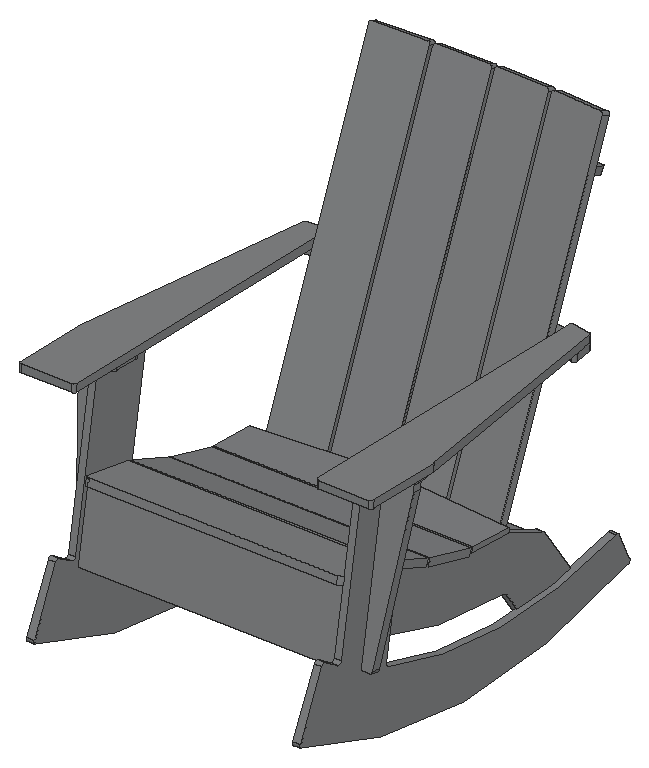
Revit family "Lollygagger Adirondack 4 Slat Rocker", category Furniture, Revit 2016
Family settings
  OmniClass Number = 23.40.20.00
  OmniClass Title = General Furniture and Specialties
  Work Plane-Based = No
  Always vertical = Yes
  Cut with Voids When Loaded = No
  Shared = No
  Room Calculation Point = No
Parameters (values of type "Loll-Charcoal")
  Width = 35 195/256"  # constant formula
  URL = "https://lolldesigns.com/"
  Type Image = adirondack_4slat_flat_rocker.jpg
  Thick = 5/8"  # constant formula
  Model = ""
  Manufacturer = "Loll"  # constant formula
  Length = 30 1/32"  # constant formula
  Height Arm = 22 73/128"  # constant formula
  Finish Material = Loll-Charcoal
Reference planes (in)
  plane 1 "Center Front/Back": y = 0
  plane 2: z = 0
  plane 3 "Center Left/Right": x = 0
  plane 4: x = 15.01563
  plane 5: x = -15.01562
  plane 6: y = 17.37188
  plane 7: y = -18.38983
  plane 8: x = 11.625
  plane 9: x = -11.625
  plane 10: z = 22.57031
  plane 11: z = 21.94531
  plane 12: x = -11
  plane 13: x = 11
  plane 14: y = -15.06058
  plane 15: z = 21.32031
Forms (in)
  Extrusion 1, solid, material "Loll-Charcoal" <- "Finish Material"
    sketch origin (-11.34614, -1.87695, 19.45483) x (0, -1, 0) y (1, 0, 0)
      loop
        arc (-13.70147, 1.10364) -> (-13.89033, 1.01745) -> (-13.94896, 0.8183) r 0.25
        line (-13.94896, 0.8183) -> (-13.74171, -0.63302)
        arc (-13.74171, -0.63302) -> (-13.6708, -0.77465) -> (-13.52901, -0.84524) r 0.25
        line (-13.52901, -0.84524) -> (6.54826, -3.66692)
        arc (6.54826, -3.66692) -> (6.56562, -3.66874) -> (6.58306, -3.66935) r 0.25
        line (6.58306, -3.66935) -> (12.93364, -3.66935)
        arc (12.93364, -3.66935) -> (13.11041, -3.59613) -> (13.18364, -3.41935) r 0.25
        line (13.18364, -3.41935) -> (13.18364, 0.85364)
        arc (13.18364, 0.85364) -> (13.11041, 1.03042) -> (12.93364, 1.10364) r 0.25
        line (12.93364, 1.10364) -> (-13.70147, 1.10364)
    from 2.49048 to 3.11548
  Extrusion 2, solid, material "Loll-Charcoal" <- "Finish Material"
    sketch origin (11.32383, -1.87695, 19.45483) x (0, -1, 0) y (1, 0, 0)
      loop
        arc (-13.52901, 0.86755) -> (-13.6708, 0.79696) -> (-13.74171, 0.65533) r 0.25
        line (-13.74171, 0.65533) -> (-13.94576, -0.77354)
        arc (-13.94576, -0.77354) -> (-13.88713, -0.97269) -> (-13.69827, -1.05889) r 0.25
        line (-13.69827, -1.05889) -> (12.93364, -1.05889)
        arc (12.93364, -1.05889) -> (13.11041, -0.98566) -> (13.18364, -0.80889) r 0.25
        line (13.18364, -0.80889) -> (13.18364, 3.4418)
        arc (13.18364, 3.4418) -> (13.11041, 3.61857) -> (12.93364, 3.6918) r 0.25
        line (12.93364, 3.6918) -> (6.58401, 3.6918)
        arc (6.58401, 3.6918) -> (6.56657, 3.69119) -> (6.54921, 3.68936) r 0.25
        line (6.54921, 3.68936) -> (-13.52901, 0.86755)
    from 2.49048 to 3.11548
  Extrusion 3, solid, material "Loll-Charcoal" <- "Finish Material"
    sketch origin (-0.01116, -13.34988, 10.61257) x (1, 0, 0) y (0, 0.173648, 0.984808)
      loop
        line (11.01116, -2.72346) -> (11.01116, 3.5371) -> (10.60243, 3.5371)
        arc (10.60243, 3.5371) -> (0.23928, 3.3911) -> (-10.1239, 3.53585) r 369.44323
        line (-10.1239, 3.53585) -> (-10.98884, 3.53585) -> (-10.98884, -2.72346) -> (11.01116, -2.72346)
    from -0.625 to 0
  Extrusion 4, solid, material "Loll-Charcoal" <- "Finish Material"
    sketch origin (-10.26116, -10.90292, 10.12102) x (0, -0.93358, 0.358368) y (0, -0.358368, -0.93358)
      loop
        line (0.18208, -12.59564) -> (4.92196, -10.77617) -> (2.36278, 2.38964)
        arc (2.36278, 2.38964) -> (2.42634, 2.60889) -> (2.64152, 2.68511) r 0.25
        arc (2.64152, 2.68511) -> (3.44298, 2.56864) -> (4.24178, 2.43521) r 38.20866
        arc (4.24178, 2.43521) -> (4.43934, 2.48421) -> (4.53497, 2.6639) r 0.25
        line (4.53497, 2.6639) -> (4.91512, 8.10029)
        arc (4.91512, 8.10029) -> (4.85313, 8.2832) -> (4.6793, 8.36736) r 0.25
        arc (4.6793, 8.36736) -> (-12.83333, 5.91487) -> (-28.12672, -2.96314) r 46
        arc (-28.12672, -2.96314) -> (-28.21192, -3.14512) -> (-28.13566, -3.33102) r 0.25
        line (-28.13566, -3.33102) -> (-26.32851, -5.07616)
        arc (-26.32851, -5.07616) -> (-26.16325, -5.14618) -> (-25.99366, -5.08742) r 0.25
        arc (-25.99366, -5.08742) -> (-15.19106, 0.84015) -> (-3.06363, 3.0213) r 38.20866
        arc (-3.06363, 3.0213) -> (-2.90216, 2.96551) -> (-2.81422, 2.81904) r 0.25
        line (-2.81422, 2.81904) -> (0.18208, -12.59564)
    from -1.36384 to -0.73884
  Extrusion 5, solid, material "Loll-Charcoal" <- "Finish Material"
    sketch origin (-3.01116, -10.90292, 10.12102) x (0, -0.93358, 0.358368) y (0, -0.358368, -0.93358)
      loop
        line (0.18208, -12.59564) -> (4.92196, -10.77617) -> (2.36278, 2.38964)
        arc (2.36278, 2.38964) -> (2.42634, 2.60889) -> (2.64152, 2.68511) r 0.25
        arc (2.64152, 2.68511) -> (3.44298, 2.56864) -> (4.24178, 2.43521) r 38.20866
        arc (4.24178, 2.43521) -> (4.43934, 2.48421) -> (4.53497, 2.6639) r 0.25
        line (4.53497, 2.6639) -> (4.91512, 8.10029)
        arc (4.91512, 8.10029) -> (4.85313, 8.2832) -> (4.6793, 8.36736) r 0.25
        arc (4.6793, 8.36736) -> (-12.83333, 5.91487) -> (-28.12672, -2.96314) r 46
        arc (-28.12672, -2.96314) -> (-28.21192, -3.14512) -> (-28.13566, -3.33102) r 0.25
        line (-28.13566, -3.33102) -> (-26.32851, -5.07616)
        arc (-26.32851, -5.07616) -> (-26.16325, -5.14618) -> (-25.99366, -5.08742) r 0.25
        arc (-25.99366, -5.08742) -> (-15.19106, 0.84015) -> (-3.06363, 3.0213) r 38.20866
        arc (-3.06363, 3.0213) -> (-2.90216, 2.96551) -> (-2.81422, 2.81904) r 0.25
        line (-2.81422, 2.81904) -> (0.18208, -12.59564)
    from 14.01116 to 14.63616
  Extrusion 6, solid, material "Loll-Charcoal" <- "Finish Material"
    sketch origin (-9.63616, -1.7845, 5.66873) x (0, 0, 1) y (0, -1, 0)
      loop
        arc (2.90858, -10.06909) -> (2.96015, -10.02078) -> (2.99615, -9.95997) r 0.25
        line (2.99615, -9.95997) -> (4.42342, -6.51424)
        arc (4.42342, -6.51424) -> (4.43738, -6.47055) -> (4.44388, -6.42515) r 0.275
        line (4.44388, -6.42515) -> (4.68857, -2.26514) -> (5.9015, 2.34307) -> (7.61415, 6.73218)
        arc (7.61415, 6.73218) -> (7.62285, 6.75824) -> (7.6289, 6.78503) r 0.275
        line (7.6289, 6.78503) -> (8.20566, 10.10173) -> (8.14208, 10.11295)
        arc (8.14208, 10.11295) -> (7.9807, 10.21575) -> (7.93929, 10.40256) r 0.25
        line (7.93929, 10.40256) -> (2.64594, 11.33592) -> (2.15266, 8.53834)
        arc (2.15266, 8.53834) -> (2.19407, 8.35154) -> (2.35544, 8.24873) r 0.25
        line (2.35544, 8.24873) -> (2.55949, 8.21275)
        arc (2.55949, 8.21275) -> (2.73481, 8.08762) -> (2.74776, 7.87261) r 0.25
        arc (2.74776, 7.87261) -> (0.75413, 1.15937) -> (0.08544, -5.81164) r 36.33366
        arc (0.08544, -5.81164) -> (0.05724, -5.9272) -> (-0.02117, -6.01665) r 0.25
        line (-0.02117, -6.01665) -> (-4.40464, -9.08599)
        arc (-4.40464, -9.08599) -> (-4.49143, -9.19322) -> (-4.50812, -9.33016) r 0.25
        arc (-4.50812, -9.33016) -> (-4.05493, -11.74316) -> (-3.47008, -14.12767) r 44.75
        arc (-3.47008, -14.12767) -> (-3.31379, -14.29666) -> (-3.08561, -14.26626) r 0.25
        line (-3.08561, -14.26626) -> (2.90858, -10.06909)
    from -1.36384 to -0.73884
  Extrusion 7, solid, material "Loll-Charcoal" <- "Finish Material"
    sketch origin (6.86384, -1.7845, 5.66873) x (0, 0, 1) y (0, -1, 0)
      loop
        arc (2.90858, -10.06909) -> (2.96015, -10.02078) -> (2.99615, -9.95997) r 0.25
        line (2.99615, -9.95997) -> (4.42342, -6.51424)
        arc (4.42342, -6.51424) -> (4.43738, -6.47055) -> (4.44388, -6.42515) r 0.275
        line (4.44388, -6.42515) -> (4.68857, -2.26514) -> (5.9015, 2.34307) -> (7.61415, 6.73218)
        arc (7.61415, 6.73218) -> (7.62285, 6.75824) -> (7.6289, 6.78503) r 0.275
        line (7.6289, 6.78503) -> (8.20566, 10.10173) -> (8.14208, 10.11295)
        arc (8.14208, 10.11295) -> (7.9807, 10.21575) -> (7.93929, 10.40256) r 0.25
        line (7.93929, 10.40256) -> (7.96099, 10.52566)
        arc (7.96099, 10.52566) -> (7.94028, 10.61906) -> (7.8596, 10.67047) r 0.125
        line (7.8596, 10.67047) -> (2.81246, 11.56041)
        arc (2.81246, 11.56041) -> (2.71905, 11.53971) -> (2.66765, 11.45902) r 0.125
        line (2.66765, 11.45902) -> (2.15266, 8.53834)
        arc (2.15266, 8.53834) -> (2.19407, 8.35154) -> (2.35544, 8.24873) r 0.25
        line (2.35544, 8.24873) -> (2.55949, 8.21275)
        arc (2.55949, 8.21275) -> (2.73481, 8.08762) -> (2.74776, 7.87261) r 0.25
        arc (2.74776, 7.87261) -> (0.75413, 1.15937) -> (0.08544, -5.81164) r 36.33366
        arc (0.08544, -5.81164) -> (0.05724, -5.9272) -> (-0.02117, -6.01665) r 0.25
        line (-0.02117, -6.01665) -> (-4.40464, -9.08599)
        arc (-4.40464, -9.08599) -> (-4.49143, -9.19322) -> (-4.50812, -9.33016) r 0.25
        arc (-4.50812, -9.33016) -> (-4.05493, -11.74316) -> (-3.47008, -14.12767) r 44.75
        arc (-3.47008, -14.12767) -> (-3.31379, -14.29666) -> (-3.08561, -14.26626) r 0.25
        line (-3.08561, -14.26626) -> (2.90858, -10.06909)
    from 3.51116 to 4.13616
  Extrusion 8, solid, material "Loll-Charcoal" <- "Finish Material"
    sketch origin (-0.01116, -1.68987, 10.73471) x (0, 0.967062, -0.25454) y (1, 0, 0)
      loop
        line (2.03906, -10.98884) -> (2.03906, 11.01494) -> (-2.41406, 11.01494) -> (-2.41406, -10.98884) -> (2.03906, -10.98884)
    from -0.625 to 0
  Extrusion 9, solid, material "Loll-Charcoal" <- "Finish Material"
    sketch origin (-0.01116, -6.22845, 12.18874) x (0, 0.93159, -0.363512) y (1, 0, 0)
      loop
        line (-2.41406, 11.01494) -> (-2.41406, -10.98884) -> (2.03906, -10.98884) -> (2.03906, 11.01494) -> (-2.41406, 11.01494)
    from -0.625 to 0
  Extrusion 10, solid, material "Loll-Charcoal" <- "Finish Material"
    sketch origin (-0.01116, -11.05792, 14.17441) x (1, 0, 0) y (0, 0.985215, -0.171324)
      loop
        line (-10.98141, 2.48875) -> (-10.98141, -1.72687)
        arc (-10.98141, -1.72687) -> (-10.87157, -1.99204) -> (-10.60641, -2.10187) r 0.375
        line (-10.60641, -2.10187) -> (10.63994, -2.10187)
        arc (10.63994, -2.10187) -> (10.90511, -1.99204) -> (11.01494, -1.72687) r 0.375
        line (11.01494, -1.72687) -> (11.01494, 2.48875) -> (-10.98141, 2.48875)
    from -0.625 to 0
  Extrusion 11, solid, material "Loll-Charcoal" <- "Finish Material"
    sketch origin (11.80559, -10.70952, 14.60299) x (-1, 0, 0) y (0, -0.173654, -0.984807)
      loop
        line (-2.44441, -6.11495) -> (-2.44441, -7.09069) -> (0.18059, -7.09069) -> (0.18059, 7.50264) -> (-0.60844, 7.50264)
        arc (-0.60844, 7.50264) -> (-0.77452, 7.4395) -> (-0.85671, 7.28198) r 0.25
        line (-0.85671, 7.28198) -> (-2.44441, -6.11495)
    from -0.625 to 0
  Extrusion 12, solid, material "Loll-Charcoal" <- "Finish Material"
    sketch origin (-11.8279, -10.09402, 14.49446) x (1, 0, 0) y (0, -0.173654, -0.984807)
      loop
        line (-2.4221, -6.11788) -> (-2.4221, -7.09069) -> (0.2029, -7.09069) -> (0.2029, 7.50264) -> (-0.56369, 7.50264)
        arc (-0.56369, 7.50264) -> (-0.72976, 7.4395) -> (-0.81196, 7.28198) r 0.25
        line (-0.81196, 7.28198) -> (-2.4221, -6.11788)
    from -0.625 to 0
  Extrusion 13, solid, material "Loll-Charcoal" <- "Finish Material"
    sketch origin (-0.32366, -3.77232, 7.45771) x (0, -0.983508, 0.180862) y (0, 0.180862, 0.983508)
      loop
        line (-10.13393, 0.73061) -> (9.36399, 1.20753) -> (9.38788, 4.46594) -> (5.78072, 4.5009) -> (1.14294, 3.60814) -> (-3.66736, 3.24423) -> (-6.02941, 3.5365) -> (-9.17159, 2.86402) -> (-9.21397, 3.06204)
        arc (-9.21397, 3.06204) -> (-9.26827, 3.14081) -> (-9.36236, 3.15811) r 0.125
        line (-9.36236, 3.15811) -> (-10.59691, 2.8939) -> (-10.13393, 0.73061)
    from -0.625 to 0
  Extrusion 14, solid, material "Loll-Charcoal" <- "Finish Material"
    sketch origin (-0.01116, 6.63302, 8.9493) x (1, 0, 0) y (0, 0.92388, -0.382683)
      loop
        line (-10.36384, 1.6522) -> (-10.36384, -1.84834) -> (-9.96831, -1.84834) -> (-10.01252, -1.5133) -> (-5.24137, -0.88381) -> (-5.22345, -1.01957) -> (-4.9342, -0.99807) -> (-4.94006, -0.8667) -> (-0.13236, -0.65195) -> (-0.12634, -0.78676) -> (0.14865, -0.78676) -> (0.14865, -0.65168) -> (4.96238, -0.86671) -> (4.95651, -0.99807) -> (5.24577, -1.01957) -> (5.26387, -0.88276) -> (10.05295, -1.51664) -> (10.00904, -1.84834) -> (10.38994, -1.84834) -> (10.38994, 1.6522) -> (-10.36384, 1.6522)
    from -0.625 to 0
  Extrusion 15, solid, material "Loll-Charcoal" <- "Finish Material"
    sketch origin (-11.34614, -2.61914, 21.94531) x (1, 0, 0) y (0, -1, 0)
      loop
        arc (0.40905, 5.1225) -> (0.58554, 5.1956) -> (0.65864, 5.37209) r 0.24959
        line (0.65864, 5.37209) -> (0.65864, 7.3725)
        arc (0.65864, 7.3725) -> (0.58542, 7.54928) -> (0.40864, 7.6225) r 0.25
        line (0.40864, 7.6225) -> (-2.21636, 7.6225)
        arc (-2.21636, 7.6225) -> (-2.83508, 7.36622) -> (-3.09136, 6.7475) r 0.875
        line (-3.09136, 6.7475) -> (-3.09136, 5.9975)
        arc (-3.09136, 5.9975) -> (-2.83508, 5.37878) -> (-2.21636, 5.1225) r 0.875
        line (-2.21636, 5.1225) -> (0.40905, 5.1225)
      loop
        circle (-1.60713, 5.74772) r 0.15505
    from 0.625 to 0
  Extrusion 16, solid, material "Loll-Charcoal" <- "Finish Material"
    sketch origin (11.34614, -2.61914, 21.94531) x (1, 0, 0) y (0, -1, 0)
      loop
        line (-0.40909, 5.1225) -> (2.21632, 5.1225)
        arc (2.21632, 5.1225) -> (2.83504, 5.37878) -> (3.09132, 5.9975) r 0.875
        line (3.09132, 5.9975) -> (3.09132, 6.7475)
        arc (3.09132, 6.7475) -> (2.83504, 7.36622) -> (2.21632, 7.6225) r 0.875
        line (2.21632, 7.6225) -> (-0.40868, 7.6225)
        arc (-0.40868, 7.6225) -> (-0.58546, 7.54928) -> (-0.65868, 7.3725) r 0.25
        line (-0.65868, 7.3725) -> (-0.65868, 5.37209)
        arc (-0.65868, 5.37209) -> (-0.58558, 5.1956) -> (-0.40909, 5.1225) r 0.24959
      loop
        circle (1.60863, 5.74999) r 0.15505
    from 0.625 to 0
  Extrusion 17, solid, material "Loll-Charcoal" <- "Finish Material"
    sketch origin (-0.51116, 15.95972, 31.87976) x (0, 0.925174, -0.379544) y (1, 0, 0)
      loop
        line (-1.30533, -9.15288) -> (0.45045, -8.84329)
        spline (0.45045, -8.84329) -> (0.47612, -8.83735) -> (0.50102, -8.82875) -> (0.52487, -8.81758) -> (0.54742, -8.80395) -> (0.56841, -8.78803) -> (0.5876, -8.76999) -> (0.6048, -8.75003) -> (0.61979, -8.72837) -> (0.63243, -8.70526) -> (0.64256, -8.68094) -> (0.65007, -8.65569) -> (0.65489, -8.62979)
        line (0.65489, -8.62979) -> (1.14847, -4.88877) -> (1.38967, 0.51108) -> (1.14847, 5.91094) -> (0.65489, 9.65196)
        spline (0.65489, 9.65196) -> (0.65007, 9.67786) -> (0.64256, 9.7031) -> (0.63243, 9.72742) -> (0.61979, 9.75054) -> (0.6048, 9.7722) -> (0.5876, 9.79216) -> (0.56841, 9.8102) -> (0.54742, 9.82612) -> (0.52487, 9.83974) -> (0.50102, 9.85092) -> (0.47612, 9.85952) -> (0.45045, 9.86546)
        line (0.45045, 9.86546) -> (-1.30531, 10.17505) -> (-0.72328, 5.76368) -> (-0.90923, 5.73914) -> (-0.90477, 5.70537) -> (-0.89354, 5.45401) -> (-0.70618, 5.46238) -> (-0.49143, 0.65467) -> (-0.67879, 0.6463) -> (-0.67275, 0.51108) -> (-0.67879, 0.37601) -> (-0.49143, 0.36764) -> (-0.70618, -4.44006) -> (-0.89354, -4.4317) -> (-0.90477, -4.6832) -> (-0.90899, -4.71519) -> (-0.72307, -4.73972) -> (-1.30533, -9.15288)
    from -0.625 to 0
  Extrusion 18, solid, material "Loll-Charcoal" <- "Finish Material"
    sketch origin (-0.01116, 11.36775, 18.82983) x (0, -1, 0) y (1, 0, 0)
      loop
        line (-1.43386, -5.4077) -> (-0.49701, -11.968)
        arc (-0.49701, -11.968) -> (-0.4261, -12.10963) -> (-0.28431, -12.18023) r 0.25
        line (-0.28431, -12.18023) -> (1.28457, -12.40072)
        arc (1.28457, -12.40072) -> (1.48337, -12.34183) -> (1.56936, -12.15315) r 0.25
        line (1.56936, -12.15315) -> (1.56936, -11.83852) -> (1.35817, -11.86868) -> (0.96821, -9.13802) -> (0.19758, -9.24807) -> (-0.19957, -6.46703) -> (0.57106, -6.35698) -> (0.40766, -5.21275) -> (0.34715, -3.96137) -> (-0.43401, -3.99914) -> (-0.56883, -1.21109) -> (0.21233, -1.17331) -> (0.15505, 0.01116) -> (0.21233, 1.19562) -> (-0.56883, 1.2334) -> (-0.43401, 4.02146) -> (0.34715, 3.98368) -> (0.40766, 5.23506) -> (0.57106, 6.37929) -> (-0.19957, 6.48934) -> (0.19758, 9.27038) -> (0.96821, 9.16033) -> (1.35817, 11.89099) -> (1.56936, 11.86083) -> (1.56936, 12.17546)
        arc (1.56936, 12.17546) -> (1.48337, 12.36414) -> (1.28457, 12.42303) r 0.25
        line (1.28457, 12.42303) -> (-0.28431, 12.20254)
        arc (-0.28431, 12.20254) -> (-0.4261, 12.13194) -> (-0.49701, 11.99031) r 0.25
        line (-0.49701, 11.99031) -> (-1.43386, 5.43001) -> (-1.6959, 0.01116) -> (-1.43386, -5.4077)
    from 2.49048 to 3.11548
  Extrusion 19, solid, material "Loll-Charcoal" <- "Finish Material"
    sketch origin (-0.01116, -13.60116, 11.11949) x (1, 0, 0) y (0, 0.173648, 0.984808)
      loop
        arc (0.875, 0.0097) -> (1.875, 1.0097) -> (0.875, 2.0097) r 1
        line (0.875, 2.0097) -> (0.3125, 2.0097) -> (0.3125, 0.0097) -> (0.875, 0.0097)
      loop
        circle (1.26436, 1.00795) r 0.15472
    from -1.58549 to -0.96049
  Extrusion 20, solid, material "Loll-Charcoal" <- "Finish Material"
    sketch origin (-9.94866, -13.73921, 10.28714) x (1, 0, 0) y (0, 0.173648, 0.984808)
      loop
        arc (0.13616, -0.22284) -> (1.13616, 0.77716) -> (0.13616, 1.77716) r 1
        line (0.13616, 1.77716) -> (-0.42634, 1.77716) -> (-0.42634, -0.22284) -> (0.13616, -0.22284)
      loop
        circle (0.50886, 0.77295) r 0.15472
    from -1.5769 to -0.95239
  Extrusion 21, solid, material "Loll-Charcoal" <- "Finish Material"
    sketch origin (9.92501, -13.46935, 11.81758) x (-1, 0, 0) y (0, -0.173648, -0.984808)
      loop
        arc (0.09505, -0.22284) -> (1.09505, 0.77716) -> (0.09505, 1.77716) r 1
        line (0.09505, 1.77716) -> (-0.44999, 1.77716) -> (-0.44999, -0.22284) -> (0.09505, -0.22284)
      loop
        circle (0.46775, 0.77295) r 0.15472
    from -1.5769 to -0.95239
  Extrusion 22, solid, material "Loll-Charcoal" <- "Finish Material"
    sketch origin (6.86384, -1.7845, 5.66873) x (0, 0, 1) y (0, -1, 0)
      loop
        arc (2.92301, -7.64755) -> (1.99627, -7.05545) -> (1.08607, -7.67268) r 1
        line (1.08607, -7.67268) -> (0.79905, -8.36559)
        arc (0.79905, -8.36559) -> (0.79905, -8.46126) -> (0.8667, -8.52891) r 0.125
        line (0.8667, -8.52891) -> (2.31026, -9.12685) -> (2.92301, -7.64755)
      loop
        circle (2.15359, -7.7085) r 0.15501
    from 2.88616 to 3.51116
  Extrusion 23, solid, material "Loll-Charcoal" <- "Finish Material"
    sketch origin (-6.86384, -1.7845, 5.66873) x (0, 0, 1) y (0, 1, 0)
      loop
        circle (2.1541, 7.70991) r 0.15501
      loop
        line (2.31026, 9.12685) -> (0.8667, 8.52891)
        arc (0.8667, 8.52891) -> (0.79905, 8.46126) -> (0.79905, 8.36559) r 0.125
        line (0.79905, 8.36559) -> (1.08607, 7.67268)
        arc (1.08607, 7.67268) -> (1.99627, 7.05545) -> (2.92301, 7.64755) r 1
        line (2.92301, 7.64755) -> (2.31026, 9.12685)
    from 2.88616 to 3.51116
  Extrusion 24, solid, material "Loll-Charcoal" <- "Finish Material"
    sketch origin (0.7958, 5.17068, 5.34925) x (-1, 0, 0) y (0, 0.92388, -0.382683)
      loop
        line (0.49446, -0.54077) -> (0.49446, 0.6875) -> (-1.2517, 0.6875) -> (-1.2517, 0.125)
        arc (-1.2517, 0.125) -> (-0.60796, -0.80939) -> (0.49446, -0.54077) r 1
      loop
        circle (-0.24891, -0.2537) r 0.15386
    from -3.26062 to -2.63562
  Extrusion 25, solid, material "Loll-Charcoal" <- "Finish Material"
    sketch origin (-0.01116, -11.24755, 11.77615) x (1, 0, 0) y (0, 0.985215, -0.171324)
      loop
        line (-10.36384, 1.5109) -> (-10.36384, -0.4891) -> (-9.80134, -0.4891)
        arc (-9.80134, -0.4891) -> (-8.80134, 0.5109) -> (-9.80134, 1.5109) r 1
        line (-9.80134, 1.5109) -> (-10.36384, 1.5109)
      loop
        circle (-9.42133, 0.51062) r 0.15521
    from 1.1453 to 1.7703
  Extrusion 26, solid, material "Loll-Charcoal" <- "Finish Material"
    sketch origin (0.01116, -11.24755, 11.77615) x (-1, 0, 0) y (0, -0.985215, 0.171324)
      loop
        line (-10.36384, -1.5109) -> (-9.84245, -1.5109)
        arc (-9.84245, -1.5109) -> (-8.84245, -0.5109) -> (-9.84245, 0.4891) r 1
        line (-9.84245, 0.4891) -> (-10.36384, 0.4891) -> (-10.36384, -1.5109)
      loop
        circle (-9.46244, -0.51062) r 0.15521
    from 1.1453 to 1.7703
  Extrusion 27, solid, material "Loll-Charcoal" <- "Finish Material"
    sketch origin (-0.01116, -7.48233, 9.49115) x (0, 0.93159, -0.363512) y (1, 0, 0)
      loop
        line (1, 9.84245) -> (1, 10.38616) -> (-1, 10.38616) -> (-1, 9.84245)
        arc (-1, 9.84245) -> (0, 8.84245) -> (1, 9.84245) r 1
      loop
        circle (-0.00076, 9.46767) r 0.15471
    from -2.96884 to -2.34384
  Extrusion 28, solid, material "Loll-Charcoal" <- "Finish Material"
    sketch origin (0.01116, -7.48233, 9.49115) x (0, 0.93159, -0.363512) y (1, 0, 0)
      loop
        arc (1, -9.80134) -> (0, -8.80134) -> (-1, -9.80134) r 1
        line (-1, -9.80134) -> (-1, -10.38616) -> (1, -10.38616) -> (1, -9.80134)
      loop
        circle (-0.00076, -9.42656) r 0.15471
    from -2.96884 to -2.34384
  Extrusion 29, solid, material "Loll-Charcoal" <- "Finish Material"
    sketch origin (-0.01116, -2.64759, 7.83271) x (0, 0.967062, -0.25454) y (1, 0, 0)
      loop
        line (-1, 10.38237) -> (-1, 9.83867)
        arc (-1, 9.83867) -> (0, 8.83867) -> (1, 9.83867) r 1
        line (1, 9.83867) -> (1, 10.38237) -> (-1, 10.38237)
      loop
        circle (-0.00006, 9.464) r 0.15572
    from -3.0502 to -2.4252
  Extrusion 30, solid, material "Loll-Charcoal" <- "Finish Material"
    sketch origin (0.01116, -2.64759, 7.83271) x (0, 0.967062, -0.25454) y (1, 0, 0)
      loop
        line (-1, -10.38616) -> (1, -10.38616) -> (1, -9.80513)
        arc (1, -9.80513) -> (0, -8.80513) -> (-1, -9.80513) r 1
        line (-1, -9.80513) -> (-1, -10.38616)
      loop
        circle (-0.00006, -9.43047) r 0.15572
    from -3.0502 to -2.4252
  Extrusion 31, solid, material "Loll-Charcoal" <- "Finish Material"
    sketch origin (-0.01116, 2.74141, 7.7616) x (0, 0.998275, -0.058719) y (1, 0, 0)
      loop
        line (-1.33687, -9.80134) -> (-1.33687, -10.36384) -> (0.66313, -10.36384) -> (0.66313, -9.80134)
        arc (0.66313, -9.80134) -> (-0.33687, -8.80134) -> (-1.33687, -9.80134) r 1
      loop
        circle (-0.33658, -9.42784) r 0.15482
    from -2.27098 to -1.64598
  Extrusion 32, solid, material "Loll-Charcoal" <- "Finish Material"
    sketch origin (0.01116, 2.74141, 7.7616) x (0, 0.998275, -0.058719) y (1, 0, 0)
      loop
        arc (-1.33687, 9.84245) -> (-0.33687, 8.84245) -> (0.66313, 9.84245) r 1
        line (0.66313, 9.84245) -> (0.66313, 10.36384) -> (-1.33687, 10.36384) -> (-1.33687, 9.84245)
      loop
        circle (-0.33658, 9.46895) r 0.15482
    from -2.27098 to -1.64598
  Extrusion 33, solid, material "Loll-Charcoal" <- "Finish Material"
    sketch origin (0, 2.81253, 10.03232) x (0, 0.998275, -0.058719) y (1, 0, 0)
      loop
        line (-2.17774, 11) -> (-2.17774, -11) -> (1.64737, -11)
        arc (1.64737, -11) -> (2.66417, 0) -> (1.64737, 11) r 60.00838
        line (1.64737, 11) -> (-2.17774, 11)
    from -0.64718 to 0
  Extrusion 34, solid, material "Loll-Charcoal" <- "Finish Material"
    sketch origin (0, 7.13016, 6.65013) x (-1, 0, 0) y (0, 0.382683, 0.92388)
      loop
        line (-10.25, -1.62859) -> (10.625, -1.62859)
        arc (10.625, -1.62859) -> (10.71339, -1.59198) -> (10.75, -1.50359) r 0.125
        line (10.75, -1.50359) -> (10.75, 1.30891) -> (-10.375, 1.30891) -> (-10.375, -1.50359)
        arc (-10.375, -1.50359) -> (-10.33839, -1.59198) -> (-10.25, -1.62859) r 0.125
    from -0.625 to 0
  Extrusion 35, solid, material "Loll-Charcoal" <- "Finish Material"
    sketch origin (7.55635, 10.4365, 22.88286) x (0, 0.382683, 0.92388) y (-0.991408, 0.120848, -0.050057)
      loop
        line (-14.95346, -2.40625) -> (14.79654, -2.40625)
        arc (14.79654, -2.40625) -> (14.97332, -2.33303) -> (15.04654, -2.15625) r 0.25
        line (15.04654, -2.15625) -> (15.04654, 2.15625)
        arc (15.04654, 2.15625) -> (14.97332, 2.33303) -> (14.79654, 2.40625) r 0.25
        line (14.79654, 2.40625) -> (-14.95346, 2.40625) -> (-14.95346, -2.40625)
    from -0.625 to 0
  Extrusion 36, solid, material "Loll-Charcoal" <- "Finish Material"
    sketch origin (7.55635, 10.4365, 22.88286) x (0, 0.382683, 0.92388) y (-0.991408, 0.120848, -0.050057)
      loop
        arc (10.60904, -0.875) -> (10.69743, -0.83839) -> (10.73404, -0.75) r 0.125
        line (10.73404, -0.75) -> (10.73404, 1)
        arc (10.73404, 1) -> (10.69743, 1.08839) -> (10.60904, 1.125) r 0.125
        line (10.60904, 1.125) -> (9.85904, 1.125)
        arc (9.85904, 1.125) -> (8.85904, 0.125) -> (9.85904, -0.875) r 1
        line (9.85904, -0.875) -> (10.60904, -0.875)
      loop
        circle (9.48203, 0.13154) r 0.15441
    from -1.25 to -0.625
  Extrusion 37, solid, material "Loll-Charcoal" <- "Finish Material"
    sketch origin (7.55635, 10.4365, 22.88286) x (0, 0.382683, 0.92388) y (-0.991408, 0.120848, -0.050057)
      loop
        arc (-0.67041, -1.52464) -> (-0.48993, -1.46109) -> (-0.40725, -1.28853) r 0.25
        line (-0.40725, -1.28853) -> (-0.28554, 0.95817)
        arc (-0.28554, 0.95817) -> (-0.34909, 1.13865) -> (-0.52165, 1.22133) r 0.25
        line (-0.52165, 1.22133) -> (-1.89463, 1.29571)
        arc (-1.89463, 1.29571) -> (-2.52631, 1.07328) -> (-2.81569, 0.46933) r 0.875
        line (-2.81569, 0.46933) -> (-2.86978, -0.52921)
        arc (-2.86978, -0.52921) -> (-2.64735, -1.16089) -> (-2.0434, -1.45026) r 0.875
        line (-2.0434, -1.45026) -> (-0.67041, -1.52464)
      loop
        circle (-2.34478, -0.05397) r 0.14956
    from -1.25 to -0.625
  Extrusion 38, solid, material "Loll-Charcoal" <- "Finish Material"
    sketch origin (-7.55635, 10.4365, 22.88286) x (0, 0.382683, 0.92388) y (-0.991408, -0.120848, 0.050057)
      loop
        line (-14.95346, 2.40625) -> (-14.95346, -2.40625) -> (14.79654, -2.40625)
        arc (14.79654, -2.40625) -> (14.97332, -2.33303) -> (15.04654, -2.15625) r 0.25
        line (15.04654, -2.15625) -> (15.04654, 2.15625)
        arc (15.04654, 2.15625) -> (14.97332, 2.33303) -> (14.79654, 2.40625) r 0.25
        line (14.79654, 2.40625) -> (-14.95346, 2.40625)
    from -0.625 to 0
  Extrusion 39, solid, material "Loll-Charcoal" <- "Finish Material"
    sketch origin (-7.55635, 10.4365, 22.88286) x (0, 0.382683, 0.92388) y (-0.991408, -0.120848, 0.050057)
      loop
        line (10.60904, 0.875) -> (9.85904, 0.875)
        arc (9.85904, 0.875) -> (8.85904, -0.125) -> (9.85904, -1.125) r 1
        line (9.85904, -1.125) -> (10.60904, -1.125)
        arc (10.60904, -1.125) -> (10.69743, -1.08839) -> (10.73404, -1) r 0.125
        line (10.73404, -1) -> (10.73404, 0.75)
        arc (10.73404, 0.75) -> (10.69743, 0.83839) -> (10.60904, 0.875) r 0.125
      loop
        circle (9.48203, -0.13154) r 0.15441
    from -1.25 to -0.625
  Extrusion 40, solid, material "Loll-Charcoal" <- "Finish Material"
    sketch origin (-7.55635, 10.4365, 22.88286) x (0, 0.382683, 0.92388) y (-0.991408, -0.120848, 0.050057)
      loop
        line (-0.67041, 1.52464) -> (-2.0434, 1.45026)
        arc (-2.0434, 1.45026) -> (-2.64735, 1.16089) -> (-2.86978, 0.52921) r 0.875
        line (-2.86978, 0.52921) -> (-2.81569, -0.46933)
        arc (-2.81569, -0.46933) -> (-2.52631, -1.07328) -> (-1.89463, -1.29571) r 0.875
        line (-1.89463, -1.29571) -> (-0.52165, -1.22133)
        arc (-0.52165, -1.22133) -> (-0.34909, -1.13865) -> (-0.28554, -0.95817) r 0.25
        line (-0.28554, -0.95817) -> (-0.40725, 1.28853)
        arc (-0.40725, 1.28853) -> (-0.48993, 1.46109) -> (-0.67041, 1.52464) r 0.25
      loop
        circle (-2.34478, 0.05397) r 0.14956
    from -1.25 to -0.625
  Extrusion 41, solid, material "Loll-Charcoal" <- "Finish Material"
    sketch origin (2.54737, 11.41476, 22.47766) x (-0.999004, 0.041227, -0.017077) y (0, 0.382683, 0.92388)
      loop
        arc (-2.15625, 15.04654) -> (-2.33303, 14.97332) -> (-2.40625, 14.79654) r 0.25
        line (-2.40625, 14.79654) -> (-2.40625, -14.95346) -> (2.40625, -14.95346) -> (2.40625, 14.79654)
        arc (2.40625, 14.79654) -> (2.33303, 14.97332) -> (2.15625, 15.04654) r 0.25
        line (2.15625, 15.04654) -> (-2.15625, 15.04654)
    from -0.625 to 0
  Extrusion 42, solid, material "Loll-Charcoal" <- "Finish Material"
    sketch origin (2.54737, 11.41476, 22.47766) x (-0.999004, 0.041227, -0.017077) y (0, 0.382683, 0.92388)
      loop
        line (-1, 10.60904) -> (-1, 9.85904)
        arc (-1, 9.85904) -> (0, 8.85904) -> (1, 9.85904) r 1
        line (1, 9.85904) -> (1, 10.60904)
        arc (1, 10.60904) -> (0.96339, 10.69743) -> (0.875, 10.73404) r 0.125
        line (0.875, 10.73404) -> (-0.875, 10.73404)
        arc (-0.875, 10.73404) -> (-0.96339, 10.69743) -> (-1, 10.60904) r 0.125
      loop
        circle (-0.0021, 9.48411) r 0.15536
    from 0 to 0.625
  Extrusion 43, solid, material "Loll-Charcoal" <- "Finish Material"
    sketch origin (2.54938, 6.96239, 11.72893) x (-0.999004, 0.041227, -0.017077) y (0, 0.382683, 0.92388)
      loop
        circle (-0.00142, 9.47604) r 0.14964
      loop
        line (1.08708, 11.49838) -> (-1.16253, 11.45679)
        arc (-1.16253, 11.45679) -> (-1.33793, 11.38032) -> (-1.40787, 11.20222) r 0.25
        line (-1.40787, 11.20222) -> (-1.38246, 9.82745)
        arc (-1.38246, 9.82745) -> (-1.11478, 9.21358) -> (-0.49143, 8.96877) r 0.875
        line (-0.49143, 8.96877) -> (0.50839, 8.98725)
        arc (0.50839, 8.98725) -> (1.12227, 9.25493) -> (1.36707, 9.87828) r 0.875
        line (1.36707, 9.87828) -> (1.34166, 11.25304)
        arc (1.34166, 11.25304) -> (1.26518, 11.42844) -> (1.08708, 11.49838) r 0.25
    from 0 to 0.625
  Extrusion 44, solid, material "Loll-Charcoal" <- "Finish Material"
    sketch origin (-2.54737, 11.41476, 22.47766) x (0.999004, 0.041227, -0.017077) y (0, -0.382683, -0.92388)
      loop
        line (-2.15625, -15.04654) -> (2.15625, -15.04654)
        arc (2.15625, -15.04654) -> (2.33303, -14.97332) -> (2.40625, -14.79654) r 0.25
        line (2.40625, -14.79654) -> (2.40625, 14.95346) -> (-2.40625, 14.95346) -> (-2.40625, -14.79654)
        arc (-2.40625, -14.79654) -> (-2.33303, -14.97332) -> (-2.15625, -15.04654) r 0.25
    from -0.625 to 0
  Extrusion 45, solid, material "Loll-Charcoal" <- "Finish Material"
    sketch origin (-2.54737, 11.41476, 22.47766) x (0.999004, 0.041227, -0.017077) y (0, -0.382683, -0.92388)
      loop
        arc (-1, -10.60904) -> (-0.96339, -10.69743) -> (-0.875, -10.73404) r 0.125
        line (-0.875, -10.73404) -> (0.875, -10.73404)
        arc (0.875, -10.73404) -> (0.96339, -10.69743) -> (1, -10.60904) r 0.125
        line (1, -10.60904) -> (1, -9.85904)
        arc (1, -9.85904) -> (0, -8.85904) -> (-1, -9.85904) r 1
        line (-1, -9.85904) -> (-1, -10.60904)
      loop
        circle (-0.0021, -9.48411) r 0.15536
    from 0 to 0.625
  Extrusion 46, solid, material "Loll-Charcoal" <- "Finish Material"
    sketch origin (-2.54938, 6.96239, 11.72893) x (0.999004, 0.041227, -0.017077) y (0, -0.382683, -0.92388)
      loop
        circle (-0.00142, -9.47604) r 0.14964
      loop
        arc (1.08708, -11.49838) -> (1.26518, -11.42844) -> (1.34166, -11.25304) r 0.25
        line (1.34166, -11.25304) -> (1.36707, -9.87828)
        arc (1.36707, -9.87828) -> (1.12227, -9.25493) -> (0.50839, -8.98725) r 0.875
        line (0.50839, -8.98725) -> (-0.49143, -8.96877)
        arc (-0.49143, -8.96877) -> (-1.11478, -9.21358) -> (-1.38246, -9.82745) r 0.875
        line (-1.38246, -9.82745) -> (-1.40787, -11.20222)
        arc (-1.40787, -11.20222) -> (-1.33793, -11.38032) -> (-1.16253, -11.45679) r 0.25
        line (-1.16253, -11.45679) -> (1.08708, -11.49838)
    from 0 to 0.625
Lines and regions (in)
  Masking region 1
    outline origin (20.39075, 0, 8.91953) x (1, 0, 0) y (0, 0, 1)
      loop
        line (-30.41443, 13.02578) -> (-30.63294, 13.02578) -> (-30.63294, 13.65078) -> (-35.40638, 13.65078) -> (-35.40638, 13.02578) -> (-34.82825, 13.02578) -> (-34.82825, 12.40078) -> (-34.64077, 12.40078) -> (-34.64077, 11.70856) -> (-33.00884, -1.66625)
        spline (-33.00884, -1.66625) -> (-32.99777, -1.68759) -> (-32.98488, -1.70775) -> (-32.97027, -1.72656) -> (-32.95408, -1.74386) -> (-32.93645, -1.75949) -> (-32.91752, -1.77331) -> (-32.89746, -1.78522) -> (-32.87645, -1.79511) -> (-32.85466, -1.80289) -> (-32.83228, -1.8085) -> (-32.80951, -1.81188) -> (-32.78654, -1.81372)
        line (-32.78654, -1.81372) -> (-32.01575, -1.81372) -> (-32.01575, -8.91953) -> (-30.76575, -8.91953) -> (-30.76575, -3.7739) -> (-10.01575, -3.7739) -> (-10.01575, -8.91953) -> (-8.76575, -8.91953) -> (-8.76575, -1.8136) -> (-7.97686, -1.8136)
        spline (-7.97686, -1.8136) -> (-7.94857, -1.81211) -> (-7.92065, -1.80763) -> (-7.89345, -1.80023) -> (-7.86733, -1.79001) -> (-7.8426, -1.7771) -> (-7.81961, -1.76165) -> (-7.79863, -1.74388) -> (-7.77994, -1.724) -> (-7.76378, -1.70228) -> (-7.75035, -1.67899) -> (-7.73984, -1.65443) -> (-7.73236, -1.62892)
        line (-7.73236, -1.62892) -> (-6.14075, 11.59698) -> (-6.14075, 12.40078) -> (-5.95314, 12.40078) -> (-5.95314, 13.02578) -> (-5.37513, 13.02578) -> (-5.37513, 13.65078) -> (-10.12612, 13.65078) -> (-10.12612, 13.02578) -> (-10.36708, 13.02578) -> (-10.36708, 27.54927) -> (-10.45991, 27.82172)
        spline (-10.45991, 27.82172) -> (-10.46898, 27.8442) -> (-10.4806, 27.86553) -> (-10.49464, 27.88547) -> (-10.51095, 27.9038) -> (-10.52933, 27.92031) -> (-10.54959, 27.93481) -> (-10.5715, 27.94715) -> (-10.59481, 27.95719) -> (-10.61926, 27.96481) -> (-10.64458, 27.96993) -> (-10.67049, 27.97249) -> (-10.69668, 27.97246)
        line (-10.69668, 27.97246) -> (-14.97213, 27.75659)
        spline (-14.97213, 27.75659) -> (-15.00448, 27.75298) -> (-15.03628, 27.74548) -> (-15.06698, 27.73422) -> (-15.09606, 27.71939) -> (-15.12301, 27.70124) -> (-15.14739, 27.68009) -> (-15.16876, 27.6563) -> (-15.18678, 27.63027) -> (-15.20112, 27.60244) -> (-15.21154, 27.57331) -> (-15.21786, 27.54336) -> (-15.21998, 27.5131)
        line (-15.21998, 27.5131) -> (-15.21998, 23.88146) -> (-15.43953, 23.87774) -> (-15.43953, 27.29454) -> (-15.46742, 27.50838)
        spline (-15.46742, 27.50838) -> (-15.46956, 27.53849) -> (-15.47593, 27.56801) -> (-15.48643, 27.59644) -> (-15.50088, 27.62329) -> (-15.51903, 27.6481) -> (-15.54057, 27.67045) -> (-15.56513, 27.68995) -> (-15.5923, 27.70627) -> (-15.6216, 27.71913) -> (-15.65253, 27.72831) -> (-15.68457, 27.73366) -> (-15.71717, 27.73508)
        line (-15.71717, 27.73508) -> (-20.02538, 27.66143)
        spline (-20.02538, 27.66143) -> (-20.05797, 27.6589) -> (-20.09002, 27.65246) -> (-20.12095, 27.64222) -> (-20.15025, 27.62835) -> (-20.17741, 27.6111) -> (-20.20198, 27.59076) -> (-20.22352, 27.56768) -> (-20.24167, 27.54225) -> (-20.25612, 27.51491) -> (-20.26662, 27.48612) -> (-20.27299, 27.45638) -> (-20.27521, 27.42619)
        line (-20.27521, 27.42619) -> (-20.27521, 23.79576) -> (-20.39082, 23.7938) -> (-20.50629, 23.79576) -> (-20.50638, 27.42619)
        spline (-20.50638, 27.42619) -> (-20.50851, 27.45638) -> (-20.51489, 27.48612) -> (-20.52539, 27.51491) -> (-20.53984, 27.54225) -> (-20.55799, 27.56768) -> (-20.57953, 27.59076) -> (-20.60409, 27.6111) -> (-20.63125, 27.62835) -> (-20.66055, 27.64222) -> (-20.69149, 27.65246) -> (-20.72353, 27.6589) -> (-20.75613, 27.66143)
        line (-20.75613, 27.66143) -> (-25.06433, 27.73508)
        spline (-25.06433, 27.73508) -> (-25.09693, 27.73366) -> (-25.12897, 27.72831) -> (-25.15991, 27.71913) -> (-25.18921, 27.70627) -> (-25.21637, 27.68995) -> (-25.24093, 27.67045) -> (-25.26247, 27.6481) -> (-25.28062, 27.62329) -> (-25.29507, 27.59644) -> (-25.30557, 27.56801) -> (-25.31195, 27.53849) -> (-25.31408, 27.50838)
        line (-25.31408, 27.50838) -> (-25.34197, 27.29454) -> (-25.34197, 23.87774) -> (-25.56152, 23.88146) -> (-25.56152, 27.5131)
        spline (-25.56152, 27.5131) -> (-25.56364, 27.54336) -> (-25.56997, 27.57331) -> (-25.58039, 27.60244) -> (-25.59473, 27.63027) -> (-25.61274, 27.6563) -> (-25.63411, 27.68009) -> (-25.65849, 27.70124) -> (-25.68545, 27.71939) -> (-25.71452, 27.73422) -> (-25.74522, 27.74548) -> (-25.77702, 27.75298) -> (-25.80937, 27.75659)
        line (-25.80937, 27.75659) -> (-30.08482, 27.97246)
        spline (-30.08482, 27.97246) -> (-30.11102, 27.97249) -> (-30.13692, 27.96993) -> (-30.16224, 27.96481) -> (-30.18669, 27.95719) -> (-30.21, 27.94715) -> (-30.23191, 27.93481) -> (-30.25217, 27.92031) -> (-30.27056, 27.9038) -> (-30.28686, 27.88547) -> (-30.3009, 27.86553) -> (-30.31252, 27.8442) -> (-30.32233, 27.82197)
        line (-30.32233, 27.82197) -> (-30.41443, 27.54927) -> (-30.41443, 13.02578)
      loop
        line (-10.36708, 5.61498) -> (-9.76196, 5.61498)
        spline (-9.76196, 5.61498) -> (-9.71743, 5.61453) -> (-9.67352, 5.61317) -> (-9.63087, 5.61093) -> (-9.59007, 5.60784) -> (-9.5517, 5.60393) -> (-9.51631, 5.59928) -> (-9.4844, 5.59394) -> (-9.45642, 5.58798) -> (-9.43276, 5.5815) -> (-9.41376, 5.57459) -> (-9.39969, 5.56733) -> (-9.39075, 5.55985)
        line (-9.39075, 5.55985) -> (-9.39075, 12.40078) -> (-10.36708, 12.40078) -> (-10.36708, 5.61498)
      loop
        line (-31.39075, 12.40249) -> (-31.39075, 5.55985)
        spline (-31.39075, 5.55985) -> (-31.38181, 5.56733) -> (-31.36774, 5.57459) -> (-31.34874, 5.5815) -> (-31.32508, 5.58798) -> (-31.2971, 5.59394) -> (-31.26519, 5.59928) -> (-31.2298, 5.60393) -> (-31.19143, 5.60784) -> (-31.15064, 5.61093) -> (-31.10798, 5.61317) -> (-31.06408, 5.61453) -> (-31.01954, 5.61498)
        line (-31.01954, 5.61498) -> (-30.41443, 5.61498) -> (-30.41443, 12.40249) -> (-31.39075, 12.40249)
      loop
        line (-15.43953, 13.02578) -> (-15.21998, 13.02578) -> (-15.21998, 22.51673) -> (-15.43953, 22.51673) -> (-15.43953, 13.02578)
      loop
        line (-20.40191, 13.02578) -> (-20.27513, 13.02578) -> (-20.27513, 22.43475) -> (-20.39082, 22.43279) -> (-20.50638, 22.43475) -> (-20.50638, 13.02578) -> (-20.40191, 13.02578)
      loop
        line (-15.21998, 12.40249) -> (-15.43953, 12.40249) -> (-15.43953, 5.61498) -> (-15.21998, 5.61498) -> (-15.21998, 12.40249)
      loop
        line (-20.50638, 5.61498) -> (-20.27513, 5.61498) -> (-20.27513, 12.40249) -> (-20.50638, 12.40249) -> (-20.50638, 5.61498)
      loop
        line (-25.34197, 13.02578) -> (-25.34197, 22.51673) -> (-25.56152, 22.52045) -> (-25.56152, 13.02578) -> (-25.34197, 13.02578)
      loop
        line (-25.56152, 12.40249) -> (-25.56152, 5.61498) -> (-25.34197, 5.61498) -> (-25.34197, 12.40249) -> (-25.56152, 12.40249)
  Masking region 2
    outline origin (0, 0, 0) x (1, 0, 0) y (0, 1, 0)
      loop
        line (-0.00007, 17.48262) -> (-5.39993, 17.25947) -> (-9.1408, 16.80284)
        spline (-9.1408, 16.80284) -> (-9.1667, 16.79836) -> (-9.19195, 16.79141) -> (-9.21627, 16.78204) -> (-9.23938, 16.77035) -> (-9.26104, 16.75648) -> (-9.281, 16.74057) -> (-9.29904, 16.72281) -> (-9.31496, 16.70339) -> (-9.32859, 16.68253) -> (-9.33976, 16.66046) -> (-9.34837, 16.63742) -> (-9.3543, 16.61368)
        line (-9.3543, 16.61368) -> (-9.3652, 16.5565) -> (-9.77582, 16.50645)
        spline (-9.77582, 16.50645) -> (-9.80817, 16.50169) -> (-9.83997, 16.49537) -> (-9.87067, 16.4876) -> (-9.89975, 16.47853) -> (-9.9267, 16.46829) -> (-9.95108, 16.45706) -> (-9.97246, 16.44505) -> (-9.99047, 16.43245) -> (-10.00481, 16.41948) -> (-10.01523, 16.40636) -> (-10.02155, 16.39331) -> (-10.02367, 16.38057)
        line (-10.02367, 16.38057) -> (-10.02367, 12.14401) -> (-10.375, 12.09384) -> (-10.375, 12.52698) -> (-11, 12.52698) -> (-11, 16.58113) -> (-11.625, 16.58113) -> (-11.625, 11.91533) -> (-11.97916, 11.86476)
        arc (-11.97916, 11.86476) -> (-12.12079, 11.79385) -> (-12.19138, 11.65206) r 0.25
        line (-12.19138, 11.65206) -> (-15.01562, -8.44347) -> (-15.01562, -14.81058)
        arc (-15.01562, -14.81058) -> (-14.9424, -14.98736) -> (-14.76562, -15.06058) r 0.25
        line (-14.76562, -15.06058) -> (-11.625, -15.06058) -> (-11.625, -18.38983) -> (-11, -18.38983) -> (-11, -15.06058) -> (-10.4925, -15.06058)
        arc (-10.4925, -15.06058) -> (-10.31572, -14.98736) -> (-10.2425, -14.81058) r 0.25
        line (-10.2425, -14.81058) -> (-10.2425, -13.8228) -> (10.26494, -13.8228) -> (10.26494, -14.81058)
        arc (10.26494, -14.81058) -> (10.33817, -14.98736) -> (10.51494, -15.06058) r 0.25
        line (10.51494, -15.06058) -> (11, -15.06058) -> (11, -18.38983) -> (11.625, -18.38983) -> (11.625, -15.06058) -> (14.76549, -15.06058)
        arc (14.76549, -15.06058) -> (14.94227, -14.98736) -> (15.01549, -14.81058) r 0.25
        line (15.01549, -14.81058) -> (15.01549, -8.44252) -> (12.19138, 11.65206)
        arc (12.19138, 11.65206) -> (12.12079, 11.79385) -> (11.97916, 11.86476) r 0.25
        line (11.97916, 11.86476) -> (11.625, 11.91533) -> (11.625, 16.58113) -> (11, 16.58113) -> (11, 12.52698) -> (10.375, 12.52698) -> (10.375, 12.09384) -> (10.02367, 12.14401) -> (10.02367, 16.38057)
        spline (10.02367, 16.38057) -> (10.02155, 16.39331) -> (10.01523, 16.40636) -> (10.00481, 16.41948) -> (9.99047, 16.43245) -> (9.97246, 16.44505) -> (9.95108, 16.45706) -> (9.9267, 16.46829) -> (9.89975, 16.47853) -> (9.87067, 16.4876) -> (9.83997, 16.49537) -> (9.80817, 16.50169) -> (9.77582, 16.50645)
        line (9.77582, 16.50645) -> (9.3652, 16.5565) -> (9.3543, 16.61368)
        spline (9.3543, 16.61368) -> (9.34837, 16.63742) -> (9.33976, 16.66046) -> (9.32859, 16.68253) -> (9.31496, 16.70339) -> (9.29904, 16.72281) -> (9.281, 16.74057) -> (9.26104, 16.75648) -> (9.23938, 16.77035) -> (9.21627, 16.78204) -> (9.19195, 16.79141) -> (9.1667, 16.79836) -> (9.1408, 16.80282)
        line (9.1408, 16.80282) -> (5.39979, 17.25947) -> (-0.00007, 17.48262)
      loop
        line (-5.17077, 12.81361) -> (-4.95122, 12.82423) -> (-4.95122, 15.1327) -> (-5.17077, 15.12362) -> (-5.17077, 12.81361)
      loop
        line (-4.95122, 8.15946) -> (-4.95122, 10.97328) -> (-5.17077, 10.96266) -> (-5.17077, 8.15946) -> (-4.95122, 8.15946)
      loop
        line (-10.2425, 8.15946) -> (-10.02367, 8.15946) -> (-10.02367, 10.27465) -> (-10.2425, 10.2434) -> (-10.2425, 8.15946)
      loop
        line (-0.11562, 15.29483) -> (-0.11562, 13.05788) -> (0.00177, 13.06372) -> (0.11562, 13.05808) -> (0.11562, 15.30412) -> (-0.11562, 15.29483)
      loop
        line (-0.11562, 11.20711) -> (-0.11562, 8.15946) -> (0.11562, 8.15946) -> (0.11562, 11.20711) -> (0, 11.2127) -> (-0.11562, 11.20711)
      loop
        line (-0.32366, 0.63855) -> (-10.2425, 0.63855) -> (-10.2425, 0.44112) -> (-0.32366, 0.44112) -> (-0.32366, 0.63855)
      loop
        line (-0.32366, -4.10169) -> (-0.32366, -4.02441) -> (-10.2425, -4.02441) -> (-10.2425, -4.10169) -> (-0.32366, -4.10169)
      loop
        line (-10.2425, -8.60596) -> (-0.32366, -8.60596) -> (-0.32366, -8.47737) -> (-10.2425, -8.47737) -> (-10.2425, -8.60596)
      loop
        line (0.32366, 0.63855) -> (0.32366, 0.44112) -> (10.26481, 0.44112) -> (10.26481, 0.63855) -> (0.32366, 0.63855)
      loop
        line (0.32366, -4.10169) -> (10.26481, -4.10169) -> (10.26481, -4.02441) -> (0.32366, -4.02441) -> (0.32366, -4.10169)
      loop
        line (10.26481, -8.60596) -> (10.26481, -8.47737) -> (0.32366, -8.47737) -> (0.32366, -8.60596) -> (10.26481, -8.60596)
      loop
        line (10.2425, 8.15946) -> (10.2425, 10.2434) -> (10.02367, 10.27465) -> (10.02367, 8.15946) -> (10.2425, 8.15946)
      loop
        line (5.17077, 12.81361) -> (5.17077, 15.12362) -> (4.95122, 15.1327) -> (4.95122, 12.82423) -> (5.17077, 12.81361)
      loop
        line (4.95122, 8.15946) -> (5.17077, 8.15946) -> (5.17077, 10.96266) -> (4.95122, 10.97328) -> (4.95122, 8.15946)
  Masking region 3
    outline origin (0, 0, 0) x (0, 1, 0) y (0, 0, 1)
      loop
        line (-6.55904, 21.94531) -> (-11.63613, 21.94531) -> (-13.96514, 8.73684)
        arc (-13.96514, 8.73684) -> (-14.10305, 8.55493) -> (-14.33125, 8.56089) r 0.25
        arc (-14.33125, 8.56089) -> (-15.03774, 8.95684) -> (-15.73567, 9.36768) r 38.20866
        arc (-15.73567, 9.36768) -> (-15.93767, 9.39272) -> (-16.09134, 9.25924) r 0.25
        line (-16.09134, 9.25924) -> (-18.39447, 4.32017)
        arc (-18.39447, 4.32017) -> (-18.40214, 4.12719) -> (-18.27001, 3.98633) r 0.25
        arc (-18.27001, 3.98633) -> (-1.04168, -0.00005) -> (16.41753, 2.80763) r 46
        arc (16.41753, 2.80763) -> (16.56228, 2.94699) -> (16.55771, 3.14788) r 0.25
        line (16.55771, 3.14788) -> (15.496, 5.42473)
        arc (15.496, 5.42473) -> (15.3668, 5.54933) -> (15.18741, 5.55524) r 0.25
        arc (15.18741, 5.55524) -> (2.97807, 3.89269) -> (-9.12552, 6.20248) r 38.20866
        arc (-9.12552, 6.20248) -> (-9.25627, 6.31244) -> (-9.28587, 6.48069) r 0.25
        line (-9.28587, 6.48069) -> (-6.55904, 21.94531)
      loop
        line (13.06365, 21.94531) -> (9.79839, 21.94531) -> (9.79839, 21.32031) -> (13.06365, 21.32031) -> (13.06365, 21.94531)
      loop
        line (14.89146, 32.318) -> (14.67611, 31.79811)
        spline (14.67611, 31.79811) -> (14.62708, 31.67679) -> (14.58097, 31.55669) -> (14.53857, 31.43989) -> (14.50061, 31.32839) -> (14.46775, 31.2241) -> (14.44055, 31.12882) -> (14.41948, 31.04419) -> (14.4049, 30.97166) -> (14.39706, 30.91249) -> (14.3961, 30.86768) -> (14.40203, 30.83801) -> (14.41475, 30.82398)
        line (14.41475, 30.82398) -> (15.38191, 30.42337)
        spline (15.38191, 30.42337) -> (15.39066, 30.4293) -> (15.40579, 30.45089) -> (15.42704, 30.48778) -> (15.45404, 30.53933) -> (15.48635, 30.60466) -> (15.52339, 30.68266) -> (15.56456, 30.772) -> (15.60913, 30.87116) -> (15.65635, 30.97844) -> (15.70542, 31.09201) -> (15.75549, 31.20994) -> (15.80572, 31.33021)
        line (15.80572, 31.33021) -> (16.02266, 31.85394) -> (14.89146, 32.318)
  Masking region 4
    outline origin (0, 0, 0) x (0, 1, 0) y (0, 0, 1)
      loop
        line (15.8081, 36.67353) -> (9.96636, 22.57031) -> (-15.06058, 22.57031) -> (-15.06058, 21.94531) -> (9.70747, 21.94531) -> (4.98847, 10.55263) -> (0.67655, 10.80626) -> (0.64956, 10.34737) -> (0.48064, 10.3573) -> (0.32976, 10.39702) -> (0.44112, 10.82011) -> (-3.86533, 11.9536) -> (-3.97669, 11.53051) -> (-4.12757, 11.57023) -> (-4.26072, 11.62219) -> (-4.10169, 12.02976) -> (-8.03668, 13.56521) -> (-8.99083, 8.15396)
        arc (-8.99083, 8.15396) -> (-2.59206, 6.35621) -> (4.02714, 5.75417) r 36.33366
        arc (4.02714, 5.75417) -> (4.1427, 5.72597) -> (4.23215, 5.64756) r 0.25
        line (4.23215, 5.64756) -> (5.45097, 3.90691)
        arc (5.45097, 3.90691) -> (8.29079, 4.12142) -> (11.10674, 4.54686) r 38.20866
        line (11.10674, 4.54686) -> (8.28459, 8.57731)
        arc (8.28459, 8.57731) -> (8.23628, 8.62888) -> (8.17547, 8.66488) r 0.25
        line (8.17547, 8.66488) -> (6.15602, 9.50137) -> (10.41514, 19.78377) -> (10.56063, 19.78377)
        spline (10.56063, 19.78377) -> (10.56656, 19.7846) -> (10.57315, 19.78708) -> (10.58039, 19.79122) -> (10.58826, 19.79699) -> (10.59674, 19.8044) -> (10.60583, 19.81342) -> (10.61549, 19.82403) -> (10.62572, 19.83622) -> (10.63648, 19.84996) -> (10.64777, 19.86522) -> (10.65954, 19.88197) -> (10.67179, 19.90018)
        line (10.67179, 19.90018) -> (10.95118, 19.78445) -> (10.99947, 19.78445)
        spline (10.99947, 19.78445) -> (11.00785, 19.79137) -> (11.0218, 19.812) -> (11.04108, 19.846) -> (11.06537, 19.89277) -> (11.09424, 19.95153) -> (11.12722, 20.02127) -> (11.16372, 20.10078) -> (11.20313, 20.18872) -> (11.24477, 20.28357) -> (11.28794, 20.38372) -> (11.33188, 20.48745) -> (11.37585, 20.59298)
        line (11.37585, 20.59298) -> (11.67642, 21.32031) -> (9.79839, 21.32031) -> (9.79839, 21.94531) -> (12.07417, 21.94531) -> (12.07417, 22.57031) -> (11.56936, 22.57031) -> (14.90417, 30.62126) -> (14.41475, 30.82398)
        spline (14.41475, 30.82398) -> (14.40203, 30.83802) -> (14.3961, 30.86767) -> (14.39707, 30.91252) -> (14.40491, 30.9717) -> (14.41948, 31.04419) -> (14.44055, 31.12881) -> (14.46775, 31.22409) -> (14.50065, 31.32847) -> (14.53861, 31.44) -> (14.58092, 31.55656) -> (14.62692, 31.67638) -> (14.67611, 31.79811)
        line (14.67611, 31.79811) -> (14.89146, 32.318) -> (17.2454, 31.35232) -> (17.48262, 31.93055) -> (15.74224, 32.64453) -> (17.17635, 36.10679)
        spline (17.17635, 36.10679) -> (17.18875, 36.13697) -> (17.20076, 36.16671) -> (17.21218, 36.1955) -> (17.2228, 36.22284) -> (17.23246, 36.24828) -> (17.24098, 36.27136) -> (17.24822, 36.2917) -> (17.25405, 36.30895) -> (17.25838, 36.32281) -> (17.26112, 36.33305) -> (17.26224, 36.33949) -> (17.26171, 36.34203)
        line (17.26171, 36.34203) -> (15.93398, 36.89199)
        spline (15.93398, 36.89199) -> (15.92922, 36.89165) -> (15.92291, 36.88736) -> (15.91514, 36.8792) -> (15.90606, 36.8673) -> (15.89582, 36.85188) -> (15.8846, 36.83319) -> (15.87259, 36.81155) -> (15.85999, 36.78734) -> (15.84701, 36.76097) -> (15.83389, 36.73289) -> (15.82085, 36.70357) -> (15.8081, 36.67353)
      loop
        line (-12.94839, 14.50316) -> (-13.12871, 14.53452) -> (-13.23579, 13.91876) -> (-13.05692, 13.88765) -> (-12.94839, 14.50316)
  symbolic lines, style "Furniture", detail levels medium+fine
    curve 1: line (-10.2425, -14.81058, 0) -> (-10.2425, 11.82453, 0)
    curve 2: arc (-10.4925, -15.06058, 0) -> (-10.31572, -14.98736, 0) -> (-10.2425, -14.81058, 0) r 0.25
    curve 3: arc (-10.2425, 11.82453, 0) -> (-10.32869, 12.01339, 0) -> (-10.52784, 12.07202, 0) r 0.25
    curve 4: line (-11.625, -15.06058, 0) -> (-10.4925, -15.06058, 0)
    curve 5: line (10.26494, -14.81058, 0) -> (10.26494, 11.82132, 0)
    curve 6: arc (10.51494, -15.06058, 0) -> (10.33817, -14.98736, 0) -> (10.26494, -14.81058, 0) r 0.25
    curve 7: arc (10.26494, 11.82132, 0) -> (10.35114, 12.01018, 0) -> (10.55029, 12.06881, 0) r 0.25
    curve 8: line (11.64731, -15.06058, 0) -> (10.51494, -15.06058, 0)
    curve 9: spline (-10.2425, 4.56446, 0) -> (-8.55006, 4.8259, 0) -> (-6.84858, 5.04006, 0) -> (-5.13986, 5.20673, 0) -> (-3.4257, 5.32572, 0) -> (-1.70792, 5.39691, 0) -> (0.01166, 5.42023, 0) -> (1.73121, 5.39564, 0) -> (3.44891, 5.32318, 0) -> (5.16295, 5.20292, 0) -> (6.87151, 5.03499, 0) -> (8.57277, 4.81957, 0) -> (10.26494, 4.55688, 0)
    curve 26: line (0, -9.52504, 21.32031) -> (0, -12.01282, 7.21187)
    curve 27: line (0, -11.39753, 7.10209) -> (0, -8.89039, 21.32031)
    curve 28: line (0, -6.99945, 21.32031) -> (0, -10.24945, 21.32031)
    curve 29: line (0, -11.39753, 7.10209) -> (0, -12.01282, 7.21187)
    curve 30: line (0, -6.99945, 21.94531) -> (0, -6.99945, 21.32031)
    curve 31: line (0, -10.24945, 21.32031) -> (0, -10.24945, 21.94531)
    curve 35: line (0, 4.78778, 10.06811) -> (0, 4.98847, 10.55263)
  symbolic lines, style "Furniture", detail levels fine
    curve 10: line (-5.17077, 5.20414, 0) -> (-5.17077, 16.38044, 0)
    curve 11: line (-4.95122, 5.22218, 0) -> (-4.95122, 16.97795, 0)
    curve 12: line (-0.11562, 5.42014, 0) -> (-0.11562, 16.5995, 0)
    curve 13: line (0.11562, 5.4201, 0) -> (0.11562, 16.5995, 0)
    curve 14: line (4.95122, 5.22038, 0) -> (4.95122, 16.97795, 0)
    curve 15: line (5.17077, 5.20226, 0) -> (5.17077, 16.38044, 0)
    curve 16: line (0.32366, 0.63855, 0) -> (-0.32366, 0.63855, 0)
    curve 17: line (0.32366, 0.44112, 0) -> (-0.32366, 0.44112, 0)
    curve 18: line (0.32366, -4.02441, 0) -> (-0.32366, -4.02441, 0)
    curve 19: line (0.32366, -4.10169, 0) -> (-0.32366, -4.10169, 0)
    curve 20: line (0.32366, -8.47737, 0) -> (-0.32366, -8.47737, 0)
    curve 21: line (0.32366, -8.60596, 0) -> (-0.32366, -8.60596, 0)
    curve 32: line (0, 10.63704, 22.57031) -> (0, 16.38057, 36.43641)
    curve 33: line (0, 15.94009, 31.88781) -> (0, 15.65235, 31.19315)
    curve 34: line (0, 5.36024, 9.83099) -> (0, 10.11927, 21.32031)
    curve 40: line (-10.02367, 4.60101, 0) -> (-10.02367, 16.38057, 0)
    curve 41: line (10.26494, -13.12871, 0) -> (-10.2425, -13.12871, 0)
  symbolic lines
    curve 22: line (10.03309, 0, 21.94531) -> (14.47293, 0, 21.94531)
    curve 23: line (-10.24219, 0, 21.94531) -> (-14.47293, 0, 21.94531)
    curve 24: line (11, 0, 14.5378) -> (11, 0, 0)
    curve 25: line (-11, 0, 14.5378) -> (-11, 0, 0)
  symbolic lines, detail levels medium+fine
    curve 36: line (10.375, 12.09384, 0) -> (11.625, 11.91533, 0)
    curve 37: line (11, 12.52698, 0) -> (11, 12.00459, 0)
    curve 38: line (-10.375, 12.09384, 0) -> (-11.625, 11.91533, 0)
    curve 39: line (-11, 12.52698, 0) -> (-11, 12.00459, 0)
    curve 74: line (0, 10.25057, 21.32031) -> (0, 10.05173, 20.83048)
    curve 75: spline (0, 10.05173, 20.83048) -> (0, 10.00989, 20.72481) -> (0, 9.97089, 20.62095) -> (0, 9.93538, 20.52067) -> (0, 9.90398, 20.42569) -> (0, 9.87723, 20.33764) -> (0, 9.85558, 20.25802) -> (0, 9.8394, 20.1882) -> (0, 9.82897, 20.12936) -> (0, 9.82447, 20.08252) -> (0, 9.82597, 20.04848) -> (0, 9.83346, 20.02782) -> (0, 9.84679, 20.0209)
    curve 76: line (0, 10.41926, 19.78378) -> (0, 9.84679, 20.0209)
    curve 77: line (0, 11.56936, 22.57031) -> (0, 9.96636, 22.57031)
    curve 79: line (0, 15.74227, 32.64451) -> (0, 14.94645, 32.97415)
    curve 80: line (0, 14.89146, 32.318) -> (0, 14.70641, 32.39465)
    curve 84: line (0, 8.17547, 8.66488) -> (0, 4.78778, 10.06811)
    curve 86: line (0, 14.94645, 32.97415) -> (0, 14.70641, 32.39465)
